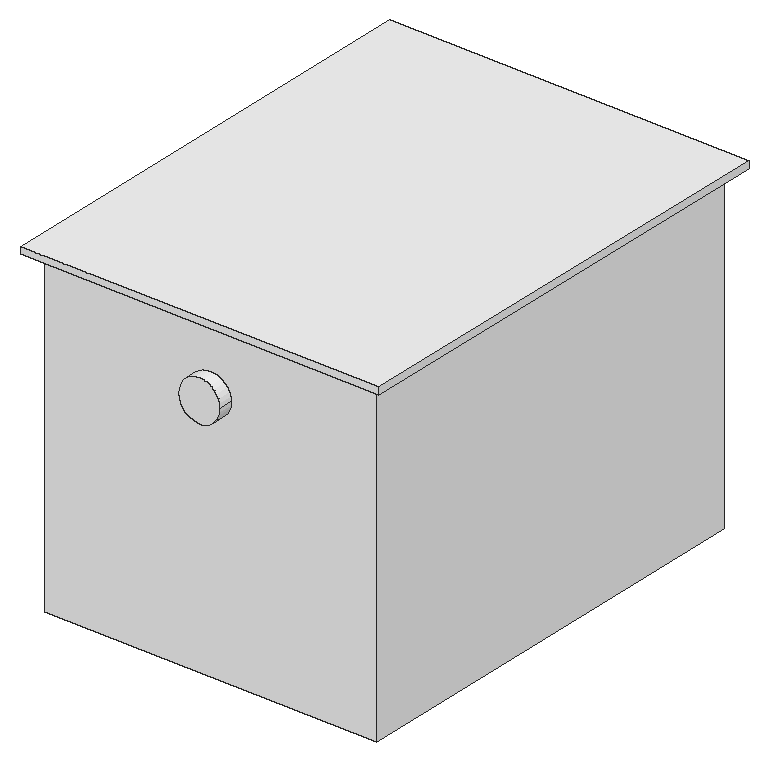
Revit family "Plumbing Fixture-Grease_Interseptor_Mifab_MI-G-SDH", category Plumbing Fixtures, host Face, Revit 2013
Parameters (values of type "MI-G-SDH-7")
  Water Capacity = "56.67 Gallons"
  WFU = 0
  URL = "www.mifab.com"
  Standard Inlet And Outlet Radii = F / 2  # 1.500"
  Model = "MI-G-SDH-7"
  Manufacturer = "MIFAB"
  Interceptor Material = Acid Resistant Epoxy Coated Green
  Grease Capacity = "100 lbs"
  Flow Rate = "50 GPM"
  F = 3.000"
  E = 24.000"
  Description = "Semi-Automatic Grease Interceptors with Draw Off Hose"
  Default Elevation = 0.000"
  D = 18.500"
  C = 5.500"
  B = 26.250"
  Assembly Code = "D2090300"
  A = 33.750"
Types (8): name | Water Capacity | Standard Inlet And Outlet Radii | Model | Grease Capacity | Flow Rate | F | E | D | C | B | A
  (no name) | "56.67 Gallons" | 1.500" | "MI-G-SDH-7" | "100 lbs" | "50 GPM" | 3.000" | 24.000" | 18.500" | 5.500" | 26.250" | 33.750"
  MI-G-SDH-1 | "8.44 Gallons" | 1.000" | "MI-G-SDH-1" | "14 lbs" | "7 GPM" | 2.000" | 12.000" | 8.500" | 3.500" | 16.250" | 20.250"
  MI-G-SDH-2 | "13 Gallons" | 1.000" | "MI-G-SDH-2" | "20 lbs" | "10 GPM" | 2.000" | 13.000" | 9.500" | 3.500" | 18.250" | 23.750"
  MI-G-SDH-3 | "18.28 Gallons" | 1.000" | "MI-G-SDH-3" | "30 lbs" | "15 GPM" | 2.000" | 15.000" | 11.500" | 3.500" | 18.250" | 26.750"
  MI-G-SDH-4 | "21.33 Gallons" | 1.500" | "MI-G-SDH-4" | "40 lbs" | "20 GPM" | 3.000" | 17.500" | 14.000" | 3.500" | 18.250" | 26.250"
  MI-G-SDH-5 | "29.43 Gallons" | 1.500" | "MI-G-SDH-5" | "50 lbs" | "25 GPM" | 3.000" | 17.500" | 14.000" | 3.500" | 21.250" | 30.250"
  MI-G-SDH-6 | "50 Gallons" | 1.500" | "MI-G-SDH-6" | "70 lbs" | "35 GPM" | 3.000" | 22.000" | 16.500" | 5.500" | 26.250" | 33.750"
  MI-G-SDH-7 | "56.67 Gallons" | 1.500" | "MI-G-SDH-7" | "100 lbs" | "50 GPM" | 3.000" | 24.000" | 18.500" | 5.500" | 26.250" | 33.750"
Reference planes (in)
  plane 1 "Center (Front/Back)": y = 0
  plane 2: z = 0
  plane 3 "Center (Left/Right)": x = 0
  plane 4: x = -13.125
  plane 5: y = -16.875
  plane 6: y = 16.875
  plane 7: x = 13.125
  plane 8: z = -5.5
  plane 9: z = -24
  plane 10: z = -24
  plane 11: z = -0.1345
  plane 12: z = -23.8655
Forms (in)
  Extrusion 1, solid, material "Acid Resistant Epoxy Coated Green" <- "Interceptor Material"
    sketch origin (0, 0, 0) x (1, 0, 0) y (0, 1, 0)
      loop
        line (-13.125, 16.875) -> (-13.125, -16.875) -> (13.125, -16.875) -> (13.125, 16.875) -> (-13.125, 16.875)
    from 0 to -0.5
  Extrusion 2, solid, material "Acid Resistant Epoxy Coated Green" <- "Interceptor Material"
    sketch origin (0, 0, 0) x (1, 0, 0) y (0, 1, 0)
      loop
        line (-12.125, 15.875) -> (-12.125, -15.875) -> (12.125, -15.875) -> (12.125, 15.875) -> (-12.125, 15.875)
    from 0 to -24
  Extrusion 3, solid, material "Acid Resistant Epoxy Coated Green" <- "Interceptor Material"
    sketch origin (0, 0, 0) x (1, 0, 0) y (0, 0, 1)
      loop
        circle (0, -5.5) r 1.5
    from -16.875 to 16.875
Cuts and joins
  joined: Extrusion 1, Extrusion 2, Extrusion 3
Lines and regions (in)
  model lines
    curve 1: line (-13.125, 16.875, 0) -> (13.125, 16.875, 0)
    curve 2: line (-13.125, -16.875, 0) -> (-13.125, 16.875, 0)
    curve 3: line (13.125, -16.875, 0) -> (-13.125, -16.875, 0)
    curve 4: line (13.125, 16.875, 0) -> (13.125, -16.875, 0)
    curve 5: line (-13.125, 16.875, 0) -> (13.125, 16.875, 0)
    curve 6: line (-13.125, -16.875, 0) -> (-13.125, 16.875, 0)
    curve 7: line (13.125, -16.875, 0) -> (-13.125, -16.875, 0)
    curve 8: line (13.125, 16.875, 0) -> (13.125, -16.875, 0)
Dimensions and locks (in)
  equal spacing: plane 4, plane 3 "Center (Left/Right)", plane 7
  equal spacing: plane 6, plane 1 "Center (Front/Back)", plane 5
  "B": plane 4 to plane 7
  "A": plane 6 to plane 5
  "C": host face to plane 8
  "D": plane 8 to plane 9
  "E": host face to plane 10
  equal spacing: Extrusion 2 sketch curve, plane 3 "Center (Left/Right)", Extrusion 2 sketch curve
  equal spacing: Extrusion 2 sketch curve, plane 1 "Center (Front/Back)", Extrusion 2 sketch curve
  Extrusion 2 sketch curve to plane 6 = 1.000"
  plane 4 to Extrusion 2 sketch curve = 1.000"
  locked: plane 12 to plane 10 at 0.1345
  locked: host face to plane 11 at 0.1345
  "F": diameter of Extrusion 3 sketch curve
  aligned and locked: plane 2 to host face
  aligned and locked: level to host face
  aligned and locked: Extrusion 1 sketch curve to plane 6
  aligned and locked: Extrusion 1 sketch curve to plane 4
  aligned and locked: plane 5 to Extrusion 1 sketch curve
  aligned and locked: Extrusion 1 sketch curve to plane 7
  aligned and locked: Extrusion 2 to plane 9
  aligned and locked: Extrusion 3 to plane 5
  aligned and locked: plane 6 to Extrusion 3
  aligned and locked: Extrusion 3 to cut or joined group of Extrusion 1, Extrusion 2, Extrusion 3
  aligned and locked: curve 1 to plane 6
  aligned and locked: curve 2 to plane 4
  aligned and locked: plane 5 to curve 3
  aligned and locked: curve 4 to plane 7
Automatic sketch dimensions
  host sketch curve to host sketch curve = 96.000"  (x2)
  Extrusion 3 sketch curve to plane 3 "Center (Left/Right)" = 0.000"
  Extrusion 3 sketch curve to plane 8 = 0.000"
Connectors (in)
  piping at (0, 16.875, -5.5), driven by "Standard Inlet And Outlet Radii"
    settings: on cut or joined group of Extrusion 1, Extrusion 2, Extrusion 3, index 1, connector radius 1 1/2", flow factor 0, pipe flow 0 GPM, pressure drop 0.00 psi, fitting loss kfactor 0, connector angle 0.00°, fixture units 0, engagement length 0.000", flow configuration 0, flow direction 1, fitting loss method 0, system type 7, joint type 0, gender type 0, connector reference index -1, connector utility 0, adjustable connector no, is connector primary yes, fitting loss table "", connector description "In"
  piping at (0, -16.875, -5.5), driven by "Standard Inlet And Outlet Radii"
    settings: on cut or joined group of Extrusion 1, Extrusion 2, Extrusion 3, index 2, connector radius 1 1/2", flow factor 0, pipe flow 0 GPM, pressure drop 0.00 psi, fitting loss kfactor 0, connector angle 0.00°, fixture units 0, engagement length 0.000", flow configuration 0, flow direction 2, fitting loss method 0, system type 16, joint type 0, gender type 0, connector reference index -1, connector utility 0, adjustable connector no, is connector primary no, fitting loss table "", connector description "Out"
